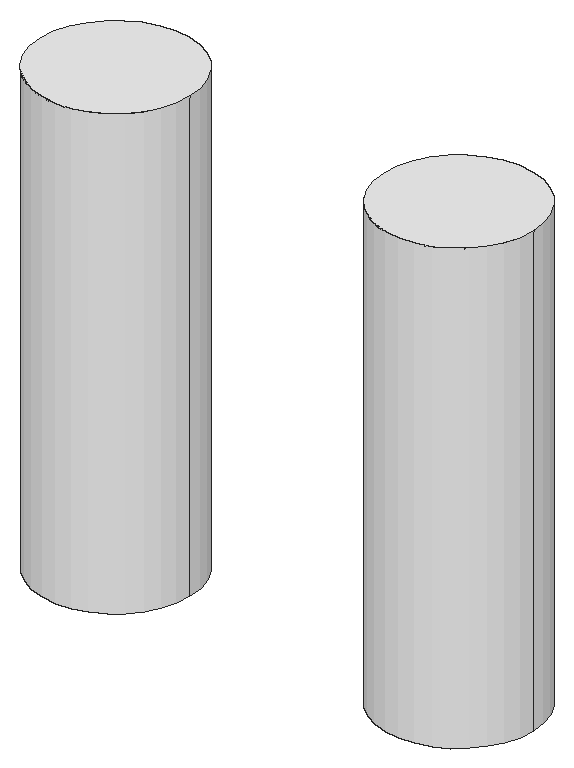
Revit family "46012206", category Plumbing Fixtures, Revit 2020
Family settings
  Round Connector Dimension = Use Diameter
  Part Type = Normal
  OmniClass Number = 23.45.55.00
  OmniClass Title = Sanitary Faucets, Wastes
  Work Plane-Based = No
  Always vertical = Yes
  Cut with Voids When Loaded = No
  Shared = No
  Room Calculation Point = No
Parameters (values of type "46012206 Washbasin faucet")
  Working Pressure = "50 - 1000 kPa"
  WarrantyStartDate [instance] = "n/a"
  WarrantyGuarantorParts = "n/a"
  WarrantyGuarantorLabor = "n/a"
  WarrantyDurationUnit = "Year"
  WarrantyDurationParts = "n/a"
  WarrantyDurationLabor = "n/a"
  WarrantyDescription = "http://warranty.hansa.com"
  Warranty Information URL = "http://warranty.hansa.com"
  VersionDate = "01/06/2023"
  Version = "1"
  ValvePattern = "n/a"
  ValveOperation = "n/a"
  ValveMechanism = "n/a"
  Uniclass2015Reference = "Pr_40_20_87_96"
  Uniclass2015Description = "Washbasin manual water supply sets"
  Uniclass2 = "Pr_40_30_96_96"
  URL REACH = "http://static.hansa.com/doc/reach"
  URL Materials Declaration = "http://www.hansa.com/fileadmin/resources/182406_46012206_materialsdeclaration.pdf"
  URL Environmental Product Declaration EPD = "http://www.hansa.com/fileadmin/resources/184523_EPD_Washbasin faucet.pdf"
  URL EcoLabel Declaration = "http://static.hansa.com/doc/EcoLabel"
  URL EU Packaging Declaration = "http://static.hansa.com/doc/packaging"
  URL Declaration of SCIP = "http://static.hansa.com/doc/SCIP"
  URL Declaration of Conformity = "http://static.hansa.com/DoC/46012206"
  URL Declaration of Asbestos = "http://static.hansa.com/doc/asbestos"
  URL Declaration Of Performance (DOP) = "http://static.hansa.com/doc/DoP"
  URL DVGW = "http://static.hansa.com/DVGW/46012206"
  URL ABP = "http://static.hansa.com/ABP/46012206"
  URL = ""
  UNSPSC Class Number = "30181700 Faucets or taps"
  TestPressure = "n/a"
  Temperature Adjustments = "Limitation option for maximum temperature and flow-rate ;Adjustable hot water stop (included, retrofittable)"
  Technical DataSheet URL = "http://www.hansa.com/datasheet/46012206/en"
  TagNumber [instance] = "n/a"
  SustainabilityPerformance = "n/a"
  Surface treatment = "Chrome"
  Spout Type = "Fixed spout"
  Spout Projection = "114 mm"
  Spare-Part Information URL = "http://static.hansa.com/sp/46012206"
  Size = "50x168x178 mm"
  Shape = "Sculptured"
  SerialNumber [instance] = "n/a"
  Sales Package dimensions (LxWxH) = "380 x 180 x 74"
  Revision = "n/a"
  ReplacementCost = "n/a"
  ProductInformation = "n/a"
  Product URL = "http://static.hansa.com/46012206"
  Product Image URL = "http://static.hansa.com/image/46012206"
  Product Family = "HANSACARE "
  Product Code = "46012206"
  Pressure Loss With Flow 01ls = 200000.0 Pa
  OperatingMechanismMaterial = "n/a"
  NominalWidth = 49.474 mm
  NominalHeight = 177.6 mm
  NominalDepth = 167.629 mm
  Noise Class = "I (ISO 3822)"
  Name_en = "46012206 Washbasin faucet"
  Name = "46012206 Washbasin faucet"
  NBSReference = "45-35-70/371"
  NBSDescription = "Water supply fittings for wash basins and troughs"
  Mounting Holes = "1 hole"
  ModelReference = "46012206"
  ModelNumber = "n/a"
  Model = "46012206 Washbasin faucet"
  Mobile Product Information URL = "http://mpi.hansa.com/46012206"
  Mechanical Parts = "ø 40 mm ceramic cartridge for flow and temperature control"
  Max. Hot Water Supply = 70 °C
  Material = "Brass"
  Market = "International;Germany;Austria;Belgium;Netherlands;France;Czech Republic;Slovakia;Italy;Spain"
  ManufacturerURL = "http://www.hansa.com"
  ManufacturerName = "HANSA"
  Manufacturer = "HANSA"
  Lever Handle = "Long shape;Single operating lever/handle;Hot/Cold symbols"
  Interactive AR View URL = "https://static.hansa.com/AR/46012206"
  InstallationDate [instance] = "n/a"
  Installation and Maintenance Guide URL = "http://static.hansa.com/manual/46012206"
  Installation Type = "Deck mounted"
  InletConnectionSize = 10 mm
  IfcExportType = "FAUCET"  # constant formula
  IfcExportAs = "IfcValveType"  # constant formula
  Group = "Washbasin faucet"
  Grade = "n/a"
  FlowCoefficient = 0
  Flow Rate At 300kPa With Flow Controller = 0.01 L/s
  Flow Drawing URL = "http://static.hansa.com/flowchart/46012206"
  Finish = "Polished"
  Features = "Single-lever"
  FaucetMainMaterial = Brass
  FDV Document URL = "http://www.hansa.com/datasheet/46012206/en/fdv"
  Extensions = "Pop-up waste with draw-rod"
  ExpectedLife = "n/a"
  ETIM Class Number = "EC011328 Washbasin mixing tap"
  EN Standard = "EN 817"
  EAN Number = "4057304010767"
  DurationUnit = "Year"
  Dimension Drawing URL = "http://static.hansa.com/dimdrw/46012206"
  Description = ""
  DefaultElevation [instance] = 900 mm
  Default Elevation = 0 mm
  Constituents = "n/a"
  Connection Size = "G3/8"
  Connection = "Flexible inlet pipes"
  Color = "Chrome"
  CodePerformance = "n/a"
  CloseOffRating = 0
  Category = "Washbasin"
  Catalog Drawing URL = "http://static.hansa.com/catdrw/46012206"
  CO2 Emissions (D) = -7.56
  CO2 Emissions (C4) = 0.08
  CO2 Emissions (C3) = 0.02
  CO2 Emissions (C2) = 0.02
  CO2 Emissions (B7) = 1854
  CO2 Emissions (A4) = 0.29
  CO2 Emissions (A1-A3) = 10.63
  Brand = "HANSA"
  BodyMaterial = "Brass"
  Barcode [instance] = "n/a"
  Backflow Prevention EN1717 = "AA"
  BIMObjectName = "46012206"
  Author = "BIMStone"
  AssetType = "Fixed"
  AssetIdentifier [instance] = "n/a"
  Approval DVGW = "DW-6506CS0581"
  Approval ABP = "P-IX 29684/IA"
  Ambience photo = "http://static.hansa.com/ambience/46012206"
  Aerator = "PCA® - constant flow rate regardless of pressure variations;Standard aerator"
  Advanced Features = "Inner body made of DZR brass;3S-installation system for safe and simple mounting"
  AccessibilityPerformance = "n/a"
  3D View = "https://static.hansa.com/AR/46012206"
  2D/3D/BIM Files URL = "http://static.hansa.com/bim/46012206"
Reference planes
  plane 1 "Center (Front/Back)": y = 0
  plane 2: z = 0
  plane 3 "Center (Left/Right)": x = 0
  plane 4: x = -24.737
  plane 5: z = 900
  plane 6: z = 870
  plane 7: y = -167.629
  plane 8: x = 24.737
  plane 9: z = 1077.6
Forms (mm)
  Extrusion 1, solid, material "Brass" <- "FaucetMainMaterial"
    sketch origin (-44.989, -3.686, 0) x (1, 0, 0) y (0, 1, 0)
      loop
        circle (33.489, -36) r 5
      loop
        circle (56.489, -36) r 5
    from 870 to 900
Dimensions and locks
  "DefaultElevation": plane 5 to level
  locked: plane 5 to plane 6 at 30
  "NominalDepth": plane 7 to plane 1 "Center (Front/Back)"
  "NominalHeight": plane 9 to plane 5
  equal spacing: plane 4, plane 3 "Center (Left/Right)", plane 8
  "NominalWidth": plane 4 to plane 8
  "InletConnectionSize": diameter of Extrusion 1 sketch curve  (x2)
  aligned and locked: level to plane 2
  aligned and locked: plane 5 to Extrusion 1
  aligned and locked: Extrusion 1 to plane 6
  aligned and locked: nested 2 to plane 5
Automatic sketch dimensions
  Extrusion 1 sketch curve to plane 3 "Center (Left/Right)" = 11.5 mm
  plane 3 "Center (Left/Right)" to Extrusion 1 sketch curve = 11.5 mm
  plane 1 "Center (Front/Back)" to Extrusion 1 sketch curve = 39.686 mm  (x2)
Nested families
  nested 1: "Symbol" at (0, 0, 0), type "Symbol", detail levels coarse
  nested 2: "46012206_p" at (0, 0, 900), Main <- "FaucetMainMaterial", type "46012206_p"
    with Main Brass
Connectors
  piping at (-11.5, -39.686, 870), diameter 10, driven by "InletConnectionSize"
    settings: on Extrusion 1, index 1, connector inside diameter 609.6 mm, connector length 0 mm, flow factor 0, pipe flow 0.1 L/s, pressure drop 0.0 Pa, fitting loss kfactor 0, connector angle 0.00°, fixture units 0, engagement length 0 mm, angle of deflection 0.00°, flow configuration 1, flow direction 1, fitting loss method 0, system type 19, joint type 0, gender type 0, connector reference index -1, connector utility 0, adjustable connector no, is connector primary yes, connector description ""
  piping at (11.5, -39.686, 870), diameter 10, driven by "InletConnectionSize"
    settings: on Extrusion 1, index 2, connector inside diameter 609.6 mm, connector length 0 mm, flow factor 0, pipe flow 0.1 L/s, pressure drop 0.0 Pa, fitting loss kfactor 0, connector angle 0.00°, fixture units 0, engagement length 0 mm, angle of deflection 0.00°, flow configuration 1, flow direction 1, fitting loss method 0, system type 20, joint type 0, gender type 0, connector reference index -1, connector utility 0, adjustable connector no, is connector primary no, connector description ""
Definition of nested family "Symbol"
  Reference planes
    plane 1: y = 0
    plane 2: x = 0
  Lines and regions (mm)
    detail lines
      curve 1: line (0, 0, 0) -> (0, -1.8, 0)
      curve 2: line (-0.4, -1.1, 0) -> (0.4, -1.1, 0)
      curve 3: line (-0.4, -1.4, 0) -> (0.4, -1.4, 0)
      curve 4: line (0.863, 0, 0) -> (-0.863, 0, 0)
      curve 5: circle (-1.163, 0, 0) r 0.3 normal (0, 0, -1)
      curve 6: circle (1.163, 0, 0) r 0.3 normal (0, 0, 1)
